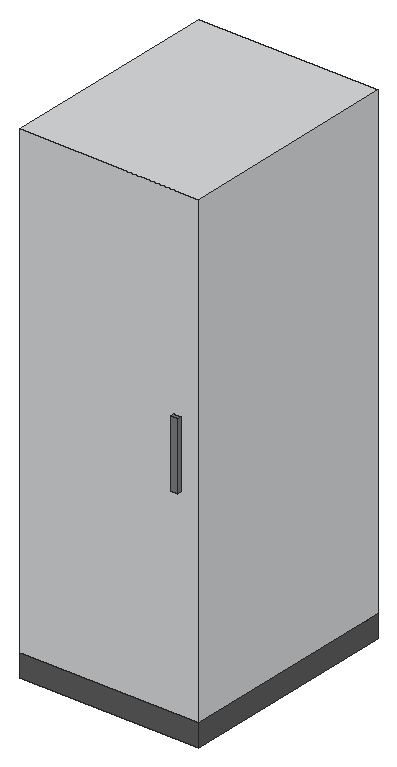
Revit family "EQ_ATS Panel", category Electrical Equipment, Revit 2025
Family settings
  Round Connector Dimension = Use Diameter
  Part Type = Switchboard
  OmniClass Number = 23.80.30.11.17
  OmniClass Title = Distribution Boards and Control Panels
  Work Plane-Based = No
  Always vertical = Yes
  Cut with Voids When Loaded = No
  Maintain Annotation Orientation = No
  Shared = No
  Room Calculation Point = No
Parameters (values of type "ATS 1600A 4P")
  Width = 800 mm
  Transfer = "Utility / Generator, open transition, 4-pole"
  built-in parameter 1140142 [instance] = -1
  Rated Current = "1600 A"
  built-in parameter 1140140 [instance] = 1 (stored number, unit not read)
  Height = 2200 mm
  built-in parameter 1155100 [instance] = -1
  EL Voltage [instance] = 400 V
  EL Number of Poles [instance] = 3
  Depth = 1000 mm
  Default Elevation = 0 mm
Reference planes
  plane 1 "Center (Front/Back)": y = 0
  plane 2: z = 0
  plane 3 "Center (Left/Right)": x = 0
  plane 4 "Front": y = -500
  plane 5 "Back": y = 500
  plane 6 "Top": z = 2200
  plane 7 "Left": x = -400
  plane 8 "Right": x = 400
Forms (mm)
  Extrusion 1, solid, material "Plinth Black"
    sketch origin (0, 0, 0) x (1, 0, 0) y (0, 1, 0)
      loop
        line (-400, -500) -> (400, -500) -> (400, 500) -> (-400, 500) -> (-400, -500)
    from 0 to 100
  Extrusion 2, solid, material "Switchboard RAL7035"
    sketch origin (0, 0, 100) x (1, 0, 0) y (0, 1, 0)
      loop
        line (-400, -500) -> (400, -500) -> (400, 500) -> (-400, 500) -> (-400, -500)
    from 0 to 2100
  Extrusion 3, solid, material "Handle Grey"
    sketch origin (0, 0, 1000) x (1, 0, 0) y (0, 1, 0)
      loop
        line (290, -520) -> (320, -520) -> (320, -500) -> (290, -500) -> (290, -520)
    from 0 to 300
Dimensions and locks
  equal spacing: plane 4 "Front", plane 1 "Center (Front/Back)", plane 5 "Back"
  "Depth": plane 4 "Front" to plane 5 "Back"
  "Height": level to plane 6 "Top"
  equal spacing: plane 7 "Left", plane 3 "Center (Left/Right)", plane 8 "Right"
  "Width": plane 7 "Left" to plane 8 "Right"
  aligned and locked: level to plane 2
  aligned and locked: Extrusion 1 to level
  aligned and locked: Extrusion 1 to plane 8 "Right"
  aligned and locked: plane 5 "Back" to Extrusion 1
  aligned and locked: plane 7 "Left" to Extrusion 1
  aligned and locked: Extrusion 1 to plane 4 "Front"
  aligned and locked: Extrusion 2 to plane 6 "Top"
  aligned and locked: Extrusion 2 to plane 8 "Right"
  aligned and locked: plane 5 "Back" to Extrusion 2
  aligned and locked: plane 7 "Left" to Extrusion 2
  aligned and locked: Extrusion 2 to plane 4 "Front"
  aligned and locked: plane 4 "Front" to Extrusion 3
Automatic sketch dimensions
  Extrusion 1 sketch curve to plane 4 "Front" = 0 mm
  Extrusion 1 sketch curve to plane 7 "Left" = 0 mm
  Extrusion 1 sketch curve to plane 5 "Back" = 0 mm
  Extrusion 1 sketch curve to plane 8 "Right" = 0 mm
  Extrusion 2 sketch curve to plane 4 "Front" = 0 mm
  Extrusion 2 sketch curve to plane 7 "Left" = 0 mm
  Extrusion 2 sketch curve to plane 5 "Back" = 0 mm
  Extrusion 2 sketch curve to plane 8 "Right" = 0 mm
  Extrusion 3 sketch curve to plane 4 "Front" = 0 mm
  Extrusion 3 sketch curve to plane 4 "Front" = 20 mm
  plane 8 "Right" to Extrusion 3 sketch curve = 110 mm
  Extrusion 3 sketch curve to Extrusion 3 sketch curve = 30 mm
Connectors
  electrical at (0, 0, 2200), driven by "EL Voltage", driven by "EL Number of Poles"
    settings: on Extrusion 2, index 1, voltage 400 V, apparent load 0 VA, apparent load phase1 0 VA, apparent load phase2 0 VA, apparent load phase3 0 VA, power factor 1, load classification "Other", number of poles 3, system type 30, power factor state 1, is connector primary yes, connector utility no, sub classification motor no, connector description ""
